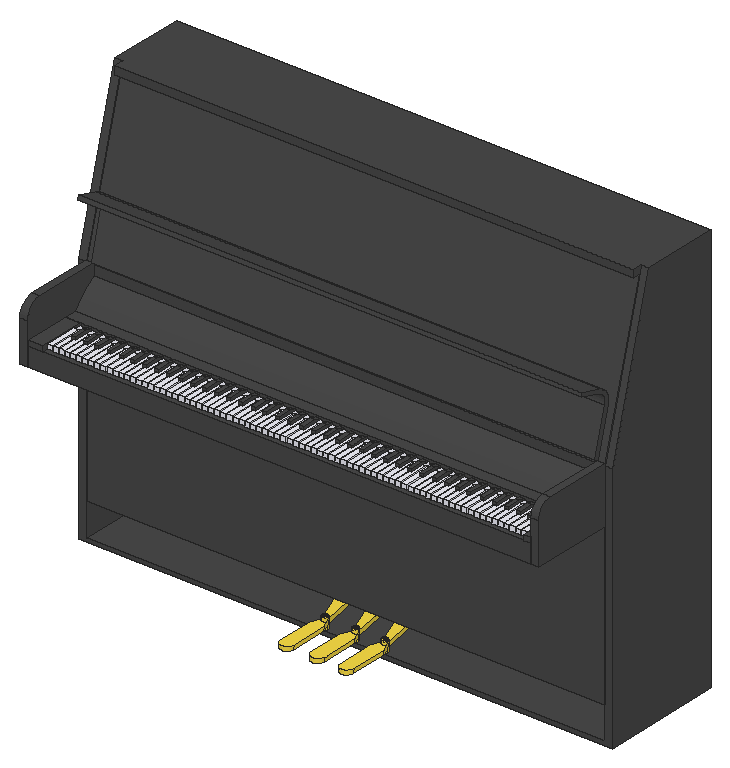
Revit family "1569502350Piano-Upright_SMARTBIM", category Furniture, Revit 2020
Family settings
  OmniClass Number = 23.40.50.24.24
  OmniClass Title = Instrumental Equipment
  Work Plane-Based = Yes
  Always vertical = Yes
  Cut with Voids When Loaded = No
  Shared = No
  Room Calculation Point = No
Parameters
  Subcategory = "Residential - Décor"  # constant formula
  Pedals = Normal,Gold
  SmartBIM Object Version = 3  # constant formula
  SmartBIM Object Created By = "SMARTBIM, LLC"  # constant formula
  White Keys = Glossy,High White
  Piano = Glossy,HighBlack
  Manufacturer = "SMARTBIM"
  Default Elevation = 121.92 cm
  Black Keys = Glossy,HighBlack
  Assembly Code = "E1020400"
  95 CSI = "11070"  # constant formula
  04 CSI = "11 62 00"  # constant formula
Reference planes (cm)
  plane 1 "Center (Front/Back)": y = -0.5
  plane 2: z = 0
  plane 3 "Center (Left/Right)": x = 3
  plane 4: y = 32
  plane 5: y = -22.5
  plane 6: z = 109
  plane 7: x = 144.6
  plane 8: x = 5
  plane 9: x = 73.8
  plane 10: x = 142.6
  plane 11: z = 107
  plane 12: y = 30
  plane 13: y = 1.5
  plane 14: z = 67
  plane 15: z = 52
  plane 16: x = 7
  plane 17: x = 140.6
  plane 18: z = 57
  plane 19: z = 1
Forms (cm)
  Extrusion 1, solid, material "Glossy,HighBlack" <- "Piano"
    sketch origin (3, 0, 0) x (0, 1, 0) y (0, 0, 1)
      loop
        line (32, 0) -> (32, 109) -> (11.5, 109) -> (-0.5001, 66.5078) -> (-0.5001, 0) -> (32, 0)
    from 0 to 2
  Extrusion 2, solid, material "Glossy,HighBlack" <- "Piano"
    sketch origin (144.6, 0, 0) x (0, 1, 0) y (0, 0, -1)
      loop
        line (32, 0) -> (-0.5001, 0) -> (-0.5001, -66.5078) -> (11.5, -109) -> (32, -109) -> (32, 0)
    from 0 to 2
  Extrusion 3, solid, material "Glossy,HighBlack" <- "Piano"
    sketch origin (0, 0, 0) x (1, 0, 0) y (0, 1, 0)
      loop
        line (5, 32) -> (5, 8.8835) -> (142.6, 8.8835) -> (142.6, 32) -> (5, 32)
    from 107 to 109
  Extrusion 4, solid, material "Glossy,HighBlack" <- "Piano"
    sketch origin (3, 0, 0) x (0, 1, 0) y (0, 0, 1)
      loop
        line (32, 107) -> (30, 107) -> (30, 1) -> (32, 1) -> (32, 107)
    from 2 to 139.6
  Extrusion 5, solid, material "Glossy,HighBlack" <- "Piano"
    sketch origin (3, 0, 0) x (0, 1, 0) y (0, 0, 1)
      loop
        line (-0.5, 66.5083) -> (-0.5, 9.7025) -> (1.5, 9.7025) -> (1.5, 65.04) -> (13.3498, 107) -> (10.9352, 107) -> (-0.5, 66.5083)
    from 2 to 139.6
  Extrusion 6, solid, material "Glossy,HighBlack" <- "Piano"
    sketch origin (3, 0, 0) x (0, 1, 0) y (0, 0, 1)
      loop
        line (-0.5, 67) -> (-18.5, 67)
        arc (-18.5, 67) -> (-21.3284, 65.8284) -> (-22.5, 63) r 4
        line (-22.5, 63) -> (-22.5, 52) -> (-0.5, 52) -> (-0.5, 67)
    from 2 to 4
  Extrusion 7, solid, material "Glossy,HighBlack" <- "Piano"
    sketch origin (132.1, 0, 0) x (0, 1, 0) y (0, 0, -1)
      loop
        line (-0.5, -67) -> (-0.5, -52) -> (-22.5, -52) -> (-22.5, -63)
        arc (-22.5, -63) -> (-21.3284, -65.8284) -> (-18.5, -67) r 4
        line (-18.5, -67) -> (-0.5, -67)
    from -10.5 to -8.5
  Extrusion 8, solid, material "Glossy,HighBlack" <- "Piano"
    sketch origin (3, 0, 0) x (0, 1, 0) y (0, 0, 1)
      loop
        line (-0.5, 57) -> (-22.5, 57) -> (-22.5, 52) -> (-0.5, 52) -> (-0.5, 57)
    from 4 to 137.6
  Extrusion 9, solid, material "Glossy,HighBlack" <- "Piano"
    sketch origin (0, -0.5, 0) x (1, 0, 0) y (0, 0, 1)
      loop
        line (5, 0) -> (142.6, 0) -> (142.6, 1) -> (5, 1) -> (5, 0)
    from -32.5 to 0
  Extrusion 10, solid, material "Glossy,HighBlack" <- "Piano"
    sketch origin (3, 0, 5) x (0, 1, 0) y (0, 0, 1)
      loop
        line (-0.5001, 52) -> (-0.5001, 59.0794)
        arc (-0.5001, 59.0794) -> (-3.9388, 56.6062) -> (-6.7118, 53.4043) r 18.1766
        line (-6.7118, 53.4043) -> (-10.0001, 53.4043) -> (-10.0001, 52) -> (-6.5001, 52) -> (-0.5001, 52)
    from 4 to 137.6
  Extrusion 11, solid, material "Glossy,High White" <- "White Keys"
    sketch origin (3, -0.0679, 0) x (0, 1, 0) y (0, 0, 1)
      loop
        line (-12.4101, 58.2793) -> (-20.9321, 58.2793) -> (-20.9321, 57) -> (-10.0001, 57) -> (-10.0001, 57.7022) -> (-12.4101, 58.2793)
    from 8.2472 to 9.6206
  Extrusion 12, solid, material "Glossy,HighBlack" <- "Piano"
    sketch origin (0, -0.5, 0) x (1, 0, 0) y (0, 0, 1)
      loop
        line (7, 58.4043) -> (7, 57) -> (11, 57) -> (11, 58.4043) -> (7, 58.4043)
    from 9.5001 to 22
  Extrusion 13, solid, material "Glossy,High White" <- "White Keys"
    sketch origin (4.5, -0.0679, 0) x (0, 1, 0) y (0, 0, 1)
      loop
        line (-12.4101, 58.2793) -> (-20.9321, 58.2793) -> (-20.9321, 57) -> (-10.0001, 57) -> (-10.0001, 57.7022) -> (-12.4101, 58.2793)
    from 8.2472 to 9.6206
  Extrusion 14, solid, material "Glossy,High White" <- "White Keys"
    sketch origin (5.9984, -0.0679, 0) x (0, 1, 0) y (0, 0, 1)
      loop
        line (-12.4101, 58.2793) -> (-20.9321, 58.2793) -> (-20.9321, 57) -> (-10.0001, 57) -> (-10.0001, 57.7022) -> (-12.4101, 58.2793)
    from 8.2472 to 9.6206
  Extrusion 15, solid, material "Glossy,High White" <- "White Keys"
    sketch origin (7.4967, -0.0679, 0) x (0, 1, 0) y (0, 0, 1)
      loop
        line (-12.4101, 58.2793) -> (-20.9321, 58.2793) -> (-20.9321, 57) -> (-10.0001, 57) -> (-10.0001, 57.7022) -> (-12.4101, 58.2793)
    from 8.2472 to 9.6206
  Extrusion 16, solid, material "Glossy,High White" <- "White Keys"
    sketch origin (9.0576, -0.0679, 0) x (0, 1, 0) y (0, 0, 1)
      loop
        line (-12.4101, 58.2793) -> (-20.9321, 58.2793) -> (-20.9321, 57) -> (-10.0001, 57) -> (-10.0001, 57.7022) -> (-12.4101, 58.2793)
    from 8.2472 to 9.6206
  Extrusion 17, solid, material "Glossy,High White" <- "White Keys"
    sketch origin (10.6185, -0.0679, 0) x (0, 1, 0) y (0, 0, 1)
      loop
        line (-12.4101, 58.2793) -> (-20.9321, 58.2793) -> (-20.9321, 57) -> (-10.0001, 57) -> (-10.0001, 57.7022) -> (-12.4101, 58.2793)
    from 8.2472 to 9.6206
  Extrusion 18, solid, material "Glossy,High White" <- "White Keys"
    sketch origin (12.1794, -0.0679, 0) x (0, 1, 0) y (0, 0, 1)
      loop
        line (-12.4101, 58.2793) -> (-20.9321, 58.2793) -> (-20.9321, 57) -> (-10.0001, 57) -> (-10.0001, 57.7022) -> (-12.4101, 58.2793)
    from 8.2472 to 9.6206
  Extrusion 19, solid, material "Glossy,High White" <- "White Keys"
    sketch origin (13.8027, -0.0679, 0) x (0, 1, 0) y (0, 0, 1)
      loop
        line (-12.4101, 58.2793) -> (-20.9321, 58.2793) -> (-20.9321, 57) -> (-10.0001, 57) -> (-10.0001, 57.7022) -> (-12.4101, 58.2793)
    from 8.2472 to 9.6206
  Extrusion 20, solid, material "Glossy,High White" <- "White Keys"
    sketch origin (15.362, -0.0679, 0) x (0, 1, 0) y (0, 0, 1)
      loop
        line (-12.4101, 58.2793) -> (-20.9321, 58.2793) -> (-20.9321, 57) -> (-10.0001, 57) -> (-10.0001, 57.7022) -> (-12.4101, 58.2793)
    from 8.2472 to 9.6206
  Extrusion 21, solid, material "Glossy,High White" <- "White Keys"
    sketch origin (16.9853, -0.0679, 0) x (0, 1, 0) y (0, 0, 1)
      loop
        line (-12.4101, 58.2793) -> (-20.9321, 58.2793) -> (-20.9321, 57) -> (-10.0001, 57) -> (-10.0001, 57.7022) -> (-12.4101, 58.2793)
    from 8.2472 to 9.6206
  Extrusion 22, solid, material "Glossy,High White" <- "White Keys"
    sketch origin (18.7728, -0.0679, 0) x (0, 1, 0) y (0, 0, 1)
      loop
        line (-12.4101, 58.2793) -> (-20.9321, 58.2793) -> (-20.9321, 57) -> (-10.0001, 57) -> (-10.0001, 57.7022) -> (-12.4101, 58.2793)
    from 8.2472 to 9.6206
  Extrusion 23, solid, material "Glossy,High White" <- "White Keys"
    sketch origin (20.2728, -0.0679, 0) x (0, 1, 0) y (0, 0, 1)
      loop
        line (-12.4101, 58.2793) -> (-20.9321, 58.2793) -> (-20.9321, 57) -> (-10.0001, 57) -> (-10.0001, 57.7022) -> (-12.4101, 58.2793)
    from 8.2472 to 9.6206
  Extrusion 24, solid, material "Glossy,High White" <- "White Keys"
    sketch origin (21.7712, -0.0679, 0) x (0, 1, 0) y (0, 0, 1)
      loop
        line (-12.4101, 58.2793) -> (-20.9321, 58.2793) -> (-20.9321, 57) -> (-10.0001, 57) -> (-10.0001, 57.7022) -> (-12.4101, 58.2793)
    from 8.2472 to 9.6206
  Extrusion 25, solid, material "Glossy,High White" <- "White Keys"
    sketch origin (23.2695, -0.0679, 0) x (0, 1, 0) y (0, 0, 1)
      loop
        line (-12.4101, 58.2793) -> (-20.9321, 58.2793) -> (-20.9321, 57) -> (-10.0001, 57) -> (-10.0001, 57.7022) -> (-12.4101, 58.2793)
    from 8.2472 to 9.6206
  Extrusion 26, solid, material "Glossy,High White" <- "White Keys"
    sketch origin (24.8304, -0.0679, 0) x (0, 1, 0) y (0, 0, 1)
      loop
        line (-12.4101, 58.2793) -> (-20.9321, 58.2793) -> (-20.9321, 57) -> (-10.0001, 57) -> (-10.0001, 57.7022) -> (-12.4101, 58.2793)
    from 8.2472 to 9.6206
  Extrusion 27, solid, material "Glossy,High White" <- "White Keys"
    sketch origin (26.3913, -0.0679, 0) x (0, 1, 0) y (0, 0, 1)
      loop
        line (-12.4101, 58.2793) -> (-20.9321, 58.2793) -> (-20.9321, 57) -> (-10.0001, 57) -> (-10.0001, 57.7022) -> (-12.4101, 58.2793)
    from 8.2472 to 9.6206
  Extrusion 28, solid, material "Glossy,High White" <- "White Keys"
    sketch origin (27.9522, -0.0679, 0) x (0, 1, 0) y (0, 0, 1)
      loop
        line (-12.4101, 58.2793) -> (-20.9321, 58.2793) -> (-20.9321, 57) -> (-10.0001, 57) -> (-10.0001, 57.7022) -> (-12.4101, 58.2793)
    from 8.2472 to 9.6206
  Extrusion 29, solid, material "Glossy,High White" <- "White Keys"
    sketch origin (29.5755, -0.0679, 0) x (0, 1, 0) y (0, 0, 1)
      loop
        line (-12.4101, 58.2793) -> (-20.9321, 58.2793) -> (-20.9321, 57) -> (-10.0001, 57) -> (-10.0001, 57.7022) -> (-12.4101, 58.2793)
    from 8.2472 to 9.6206
  Extrusion 30, solid, material "Glossy,High White" <- "White Keys"
    sketch origin (31.1348, -0.0679, 0) x (0, 1, 0) y (0, 0, 1)
      loop
        line (-12.4101, 58.2793) -> (-20.9321, 58.2793) -> (-20.9321, 57) -> (-10.0001, 57) -> (-10.0001, 57.7022) -> (-12.4101, 58.2793)
    from 8.2472 to 9.6206
  Extrusion 31, solid, material "Glossy,High White" <- "White Keys"
    sketch origin (32.7581, -0.0679, 0) x (0, 1, 0) y (0, 0, 1)
      loop
        line (-12.4101, 58.2793) -> (-20.9321, 58.2793) -> (-20.9321, 57) -> (-10.0001, 57) -> (-10.0001, 57.7022) -> (-12.4101, 58.2793)
    from 8.2472 to 9.6206
  Extrusion 32, solid, material "Glossy,High White" <- "White Keys"
    sketch origin (34.5228, -0.0679, 0) x (0, 1, 0) y (0, 0, 1)
      loop
        line (-12.4101, 58.2793) -> (-20.9321, 58.2793) -> (-20.9321, 57) -> (-10.0001, 57) -> (-10.0001, 57.7022) -> (-12.4101, 58.2793)
    from 8.2472 to 9.6206
  Extrusion 33, solid, material "Glossy,High White" <- "White Keys"
    sketch origin (36.1478, -0.0679, 0) x (0, 1, 0) y (0, 0, 1)
      loop
        line (-12.4101, 58.2793) -> (-20.9321, 58.2793) -> (-20.9321, 57) -> (-10.0001, 57) -> (-10.0001, 57.7022) -> (-12.4101, 58.2793)
    from 8.2472 to 9.6206
  Extrusion 34, solid, material "Glossy,High White" <- "White Keys"
    sketch origin (37.7712, -0.0679, 0) x (0, 1, 0) y (0, 0, 1)
      loop
        line (-12.4101, 58.2793) -> (-20.9321, 58.2793) -> (-20.9321, 57) -> (-10.0001, 57) -> (-10.0001, 57.7022) -> (-12.4101, 58.2793)
    from 8.2472 to 9.6206
  Extrusion 35, solid, material "Glossy,High White" <- "White Keys"
    sketch origin (39.2695, -0.0679, 0) x (0, 1, 0) y (0, 0, 1)
      loop
        line (-12.4101, 58.2793) -> (-20.9321, 58.2793) -> (-20.9321, 57) -> (-10.0001, 57) -> (-10.0001, 57.7022) -> (-12.4101, 58.2793)
    from 8.2472 to 9.6206
  Extrusion 36, solid, material "Glossy,High White" <- "White Keys"
    sketch origin (40.8304, -0.0679, 0) x (0, 1, 0) y (0, 0, 1)
      loop
        line (-12.4101, 58.2793) -> (-20.9321, 58.2793) -> (-20.9321, 57) -> (-10.0001, 57) -> (-10.0001, 57.7022) -> (-12.4101, 58.2793)
    from 8.2472 to 9.6206
  Extrusion 37, solid, material "Glossy,High White" <- "White Keys"
    sketch origin (42.3913, -0.0679, 0) x (0, 1, 0) y (0, 0, 1)
      loop
        line (-12.4101, 58.2793) -> (-20.9321, 58.2793) -> (-20.9321, 57) -> (-10.0001, 57) -> (-10.0001, 57.7022) -> (-12.4101, 58.2793)
    from 8.2472 to 9.6206
  Extrusion 38, solid, material "Glossy,High White" <- "White Keys"
    sketch origin (43.9522, -0.0679, 0) x (0, 1, 0) y (0, 0, 1)
      loop
        line (-12.4101, 58.2793) -> (-20.9321, 58.2793) -> (-20.9321, 57) -> (-10.0001, 57) -> (-10.0001, 57.7022) -> (-12.4101, 58.2793)
    from 8.2472 to 9.6206
  Extrusion 39, solid, material "Glossy,High White" <- "White Keys"
    sketch origin (45.5755, -0.0679, 0) x (0, 1, 0) y (0, 0, 1)
      loop
        line (-12.4101, 58.2793) -> (-20.9321, 58.2793) -> (-20.9321, 57) -> (-10.0001, 57) -> (-10.0001, 57.7022) -> (-12.4101, 58.2793)
    from 8.2472 to 9.6206
  Extrusion 40, solid, material "Glossy,High White" <- "White Keys"
    sketch origin (47.1348, -0.0679, 0) x (0, 1, 0) y (0, 0, 1)
      loop
        line (-12.4101, 58.2793) -> (-20.9321, 58.2793) -> (-20.9321, 57) -> (-10.0001, 57) -> (-10.0001, 57.7022) -> (-12.4101, 58.2793)
    from 8.2472 to 9.6206
  Extrusion 41, solid, material "Glossy,High White" <- "White Keys"
    sketch origin (48.7581, -0.0679, 0) x (0, 1, 0) y (0, 0, 1)
      loop
        line (-12.4101, 58.2793) -> (-20.9321, 58.2793) -> (-20.9321, 57) -> (-10.0001, 57) -> (-10.0001, 57.7022) -> (-12.4101, 58.2793)
    from 8.2472 to 9.6206
  Extrusion 42, solid, material "Glossy,High White" <- "White Keys"
    sketch origin (50.5228, -0.0679, 0) x (0, 1, 0) y (0, 0, 1)
      loop
        line (-12.4101, 58.2793) -> (-20.9321, 58.2793) -> (-20.9321, 57) -> (-10.0001, 57) -> (-10.0001, 57.7022) -> (-12.4101, 58.2793)
    from 8.2472 to 9.6206
  Extrusion 43, solid, material "Glossy,High White" <- "White Keys"
    sketch origin (52.1478, -0.0679, 0) x (0, 1, 0) y (0, 0, 1)
      loop
        line (-12.4101, 58.2793) -> (-20.9321, 58.2793) -> (-20.9321, 57) -> (-10.0001, 57) -> (-10.0001, 57.7022) -> (-12.4101, 58.2793)
    from 8.2472 to 9.6206
  Extrusion 44, solid, material "Glossy,High White" <- "White Keys"
    sketch origin (53.7712, -0.0679, 0) x (0, 1, 0) y (0, 0, 1)
      loop
        line (-12.4101, 58.2793) -> (-20.9321, 58.2793) -> (-20.9321, 57) -> (-10.0001, 57) -> (-10.0001, 57.7022) -> (-12.4101, 58.2793)
    from 8.2472 to 9.6206
  Extrusion 45, solid, material "Glossy,High White" <- "White Keys"
    sketch origin (55.2695, -0.0679, 0) x (0, 1, 0) y (0, 0, 1)
      loop
        line (-12.4101, 58.2793) -> (-20.9321, 58.2793) -> (-20.9321, 57) -> (-10.0001, 57) -> (-10.0001, 57.7022) -> (-12.4101, 58.2793)
    from 8.2472 to 9.6206
  Extrusion 46, solid, material "Glossy,High White" <- "White Keys"
    sketch origin (56.8304, -0.0679, 0) x (0, 1, 0) y (0, 0, 1)
      loop
        line (-12.4101, 58.2793) -> (-20.9321, 58.2793) -> (-20.9321, 57) -> (-10.0001, 57) -> (-10.0001, 57.7022) -> (-12.4101, 58.2793)
    from 8.2472 to 9.6206
  Extrusion 47, solid, material "Glossy,High White" <- "White Keys"
    sketch origin (58.3913, -0.0679, 0) x (0, 1, 0) y (0, 0, 1)
      loop
        line (-12.4101, 58.2793) -> (-20.9321, 58.2793) -> (-20.9321, 57) -> (-10.0001, 57) -> (-10.0001, 57.7022) -> (-12.4101, 58.2793)
    from 8.2472 to 9.6206
  Extrusion 48, solid, material "Glossy,High White" <- "White Keys"
    sketch origin (59.9522, -0.0679, 0) x (0, 1, 0) y (0, 0, 1)
      loop
        line (-12.4101, 58.2793) -> (-20.9321, 58.2793) -> (-20.9321, 57) -> (-10.0001, 57) -> (-10.0001, 57.7022) -> (-12.4101, 58.2793)
    from 8.2472 to 9.6206
  Extrusion 49, solid, material "Glossy,High White" <- "White Keys"
    sketch origin (61.5755, -0.0679, 0) x (0, 1, 0) y (0, 0, 1)
      loop
        line (-12.4101, 58.2793) -> (-20.9321, 58.2793) -> (-20.9321, 57) -> (-10.0001, 57) -> (-10.0001, 57.7022) -> (-12.4101, 58.2793)
    from 8.2472 to 9.6206
  Extrusion 50, solid, material "Glossy,High White" <- "White Keys"
    sketch origin (63.1348, -0.0679, 0) x (0, 1, 0) y (0, 0, 1)
      loop
        line (-12.4101, 58.2793) -> (-20.9321, 58.2793) -> (-20.9321, 57) -> (-10.0001, 57) -> (-10.0001, 57.7022) -> (-12.4101, 58.2793)
    from 8.2472 to 9.6206
  Extrusion 51, solid, material "Glossy,High White" <- "White Keys"
    sketch origin (64.7581, -0.0679, 0) x (0, 1, 0) y (0, 0, 1)
      loop
        line (-12.4101, 58.2793) -> (-20.9321, 58.2793) -> (-20.9321, 57) -> (-10.0001, 57) -> (-10.0001, 57.7022) -> (-12.4101, 58.2793)
    from 8.2472 to 9.6206
  Extrusion 52, solid, material "Glossy,High White" <- "White Keys"
    sketch origin (66.5228, -0.0679, 0) x (0, 1, 0) y (0, 0, 1)
      loop
        line (-12.4101, 58.2793) -> (-20.9321, 58.2793) -> (-20.9321, 57) -> (-10.0001, 57) -> (-10.0001, 57.7022) -> (-12.4101, 58.2793)
    from 8.2472 to 9.6206
  Extrusion 53, solid, material "Glossy,High White" <- "White Keys"
    sketch origin (68.1478, -0.0679, 0) x (0, 1, 0) y (0, 0, 1)
      loop
        line (-12.4101, 58.2793) -> (-20.9321, 58.2793) -> (-20.9321, 57) -> (-10.0001, 57) -> (-10.0001, 57.7022) -> (-12.4101, 58.2793)
    from 8.2472 to 9.6206
  Extrusion 54, solid, material "Glossy,High White" <- "White Keys"
    sketch origin (69.7712, -0.0679, 0) x (0, 1, 0) y (0, 0, 1)
      loop
        line (-12.4101, 58.2793) -> (-20.9321, 58.2793) -> (-20.9321, 57) -> (-10.0001, 57) -> (-10.0001, 57.7022) -> (-12.4101, 58.2793)
    from 8.2472 to 9.6206
  Extrusion 55, solid, material "Glossy,High White" <- "White Keys"
    sketch origin (71.2695, -0.0679, 0) x (0, 1, 0) y (0, 0, 1)
      loop
        line (-12.4101, 58.2793) -> (-20.9321, 58.2793) -> (-20.9321, 57) -> (-10.0001, 57) -> (-10.0001, 57.7022) -> (-12.4101, 58.2793)
    from 8.2472 to 9.6206
  Extrusion 56, solid, material "Glossy,High White" <- "White Keys"
    sketch origin (72.8304, -0.0679, 0) x (0, 1, 0) y (0, 0, 1)
      loop
        line (-12.4101, 58.2793) -> (-20.9321, 58.2793) -> (-20.9321, 57) -> (-10.0001, 57) -> (-10.0001, 57.7022) -> (-12.4101, 58.2793)
    from 8.2472 to 9.6206
  Extrusion 57, solid, material "Glossy,High White" <- "White Keys"
    sketch origin (74.3913, -0.0679, 0) x (0, 1, 0) y (0, 0, 1)
      loop
        line (-12.4101, 58.2793) -> (-20.9321, 58.2793) -> (-20.9321, 57) -> (-10.0001, 57) -> (-10.0001, 57.7022) -> (-12.4101, 58.2793)
    from 8.2472 to 9.6206
  Extrusion 58, solid, material "Glossy,High White" <- "White Keys"
    sketch origin (75.9522, -0.0679, 0) x (0, 1, 0) y (0, 0, 1)
      loop
        line (-12.4101, 58.2793) -> (-20.9321, 58.2793) -> (-20.9321, 57) -> (-10.0001, 57) -> (-10.0001, 57.7022) -> (-12.4101, 58.2793)
    from 8.2472 to 9.6206
  Extrusion 59, solid, material "Glossy,High White" <- "White Keys"
    sketch origin (77.5755, -0.0679, 0) x (0, 1, 0) y (0, 0, 1)
      loop
        line (-12.4101, 58.2793) -> (-20.9321, 58.2793) -> (-20.9321, 57) -> (-10.0001, 57) -> (-10.0001, 57.7022) -> (-12.4101, 58.2793)
    from 8.2472 to 9.6206
  Extrusion 60, solid, material "Glossy,High White" <- "White Keys"
    sketch origin (79.1348, -0.0679, 0) x (0, 1, 0) y (0, 0, 1)
      loop
        line (-12.4101, 58.2793) -> (-20.9321, 58.2793) -> (-20.9321, 57) -> (-10.0001, 57) -> (-10.0001, 57.7022) -> (-12.4101, 58.2793)
    from 8.2472 to 9.6206
  Extrusion 61, solid, material "Glossy,High White" <- "White Keys"
    sketch origin (80.7581, -0.0679, 0) x (0, 1, 0) y (0, 0, 1)
      loop
        line (-12.4101, 58.2793) -> (-20.9321, 58.2793) -> (-20.9321, 57) -> (-10.0001, 57) -> (-10.0001, 57.7022) -> (-12.4101, 58.2793)
    from 8.2472 to 9.6206
  Extrusion 62, solid, material "Glossy,High White" <- "White Keys"
    sketch origin (82.5228, -0.0679, 0) x (0, 1, 0) y (0, 0, 1)
      loop
        line (-12.4101, 58.2793) -> (-20.9321, 58.2793) -> (-20.9321, 57) -> (-10.0001, 57) -> (-10.0001, 57.7022) -> (-12.4101, 58.2793)
    from 8.2472 to 9.6206
  Extrusion 63, solid, material "Glossy,High White" <- "White Keys"
    sketch origin (84.1478, -0.0679, 0) x (0, 1, 0) y (0, 0, 1)
      loop
        line (-12.4101, 58.2793) -> (-20.9321, 58.2793) -> (-20.9321, 57) -> (-10.0001, 57) -> (-10.0001, 57.7022) -> (-12.4101, 58.2793)
    from 8.2472 to 9.6206
  Extrusion 64, solid, material "Glossy,High White" <- "White Keys"
    sketch origin (85.7712, -0.0679, 0) x (0, 1, 0) y (0, 0, 1)
      loop
        line (-12.4101, 58.2793) -> (-20.9321, 58.2793) -> (-20.9321, 57) -> (-10.0001, 57) -> (-10.0001, 57.7022) -> (-12.4101, 58.2793)
    from 8.2472 to 9.6206
  Extrusion 65, solid, material "Glossy,High White" <- "White Keys"
    sketch origin (87.2695, -0.0679, 0) x (0, 1, 0) y (0, 0, 1)
      loop
        line (-12.4101, 58.2793) -> (-20.9321, 58.2793) -> (-20.9321, 57) -> (-10.0001, 57) -> (-10.0001, 57.7022) -> (-12.4101, 58.2793)
    from 8.2472 to 9.6206
  Extrusion 66, solid, material "Glossy,High White" <- "White Keys"
    sketch origin (88.8304, -0.0679, 0) x (0, 1, 0) y (0, 0, 1)
      loop
        line (-12.4101, 58.2793) -> (-20.9321, 58.2793) -> (-20.9321, 57) -> (-10.0001, 57) -> (-10.0001, 57.7022) -> (-12.4101, 58.2793)
    from 8.2472 to 9.6206
  Extrusion 67, solid, material "Glossy,High White" <- "White Keys"
    sketch origin (90.3913, -0.0679, 0) x (0, 1, 0) y (0, 0, 1)
      loop
        line (-12.4101, 58.2793) -> (-20.9321, 58.2793) -> (-20.9321, 57) -> (-10.0001, 57) -> (-10.0001, 57.7022) -> (-12.4101, 58.2793)
    from 8.2472 to 9.6206
  Extrusion 68, solid, material "Glossy,High White" <- "White Keys"
    sketch origin (91.9522, -0.0679, 0) x (0, 1, 0) y (0, 0, 1)
      loop
        line (-12.4101, 58.2793) -> (-20.9321, 58.2793) -> (-20.9321, 57) -> (-10.0001, 57) -> (-10.0001, 57.7022) -> (-12.4101, 58.2793)
    from 8.2472 to 9.6206
  Extrusion 69, solid, material "Glossy,High White" <- "White Keys"
    sketch origin (93.5755, -0.0679, 0) x (0, 1, 0) y (0, 0, 1)
      loop
        line (-12.4101, 58.2793) -> (-20.9321, 58.2793) -> (-20.9321, 57) -> (-10.0001, 57) -> (-10.0001, 57.7022) -> (-12.4101, 58.2793)
    from 8.2472 to 9.6206
  Extrusion 70, solid, material "Glossy,High White" <- "White Keys"
    sketch origin (95.1348, -0.0679, 0) x (0, 1, 0) y (0, 0, 1)
      loop
        line (-12.4101, 58.2793) -> (-20.9321, 58.2793) -> (-20.9321, 57) -> (-10.0001, 57) -> (-10.0001, 57.7022) -> (-12.4101, 58.2793)
    from 8.2472 to 9.6206
  Extrusion 71, solid, material "Glossy,High White" <- "White Keys"
    sketch origin (96.7581, -0.0679, 0) x (0, 1, 0) y (0, 0, 1)
      loop
        line (-12.4101, 58.2793) -> (-20.9321, 58.2793) -> (-20.9321, 57) -> (-10.0001, 57) -> (-10.0001, 57.7022) -> (-12.4101, 58.2793)
    from 8.2472 to 9.6206
  Extrusion 72, solid, material "Glossy,High White" <- "White Keys"
    sketch origin (98.7728, -0.0679, 0) x (0, 1, 0) y (0, 0, 1)
      loop
        line (-12.4101, 58.2793) -> (-20.9321, 58.2793) -> (-20.9321, 57) -> (-10.0001, 57) -> (-10.0001, 57.7022) -> (-12.4101, 58.2793)
    from 8.2472 to 9.6206
  Extrusion 73, solid, material "Glossy,High White" <- "White Keys"
    sketch origin (100.2728, -0.0679, 0) x (0, 1, 0) y (0, 0, 1)
      loop
        line (-12.4101, 58.2793) -> (-20.9321, 58.2793) -> (-20.9321, 57) -> (-10.0001, 57) -> (-10.0001, 57.7022) -> (-12.4101, 58.2793)
    from 8.2472 to 9.6206
  Extrusion 74, solid, material "Glossy,High White" <- "White Keys"
    sketch origin (101.7712, -0.0679, 0) x (0, 1, 0) y (0, 0, 1)
      loop
        line (-12.4101, 58.2793) -> (-20.9321, 58.2793) -> (-20.9321, 57) -> (-10.0001, 57) -> (-10.0001, 57.7022) -> (-12.4101, 58.2793)
    from 8.2472 to 9.6206
  Extrusion 75, solid, material "Glossy,High White" <- "White Keys"
    sketch origin (103.2695, -0.0679, 0) x (0, 1, 0) y (0, 0, 1)
      loop
        line (-12.4101, 58.2793) -> (-20.9321, 58.2793) -> (-20.9321, 57) -> (-10.0001, 57) -> (-10.0001, 57.7022) -> (-12.4101, 58.2793)
    from 8.2472 to 9.6206
  Extrusion 76, solid, material "Glossy,High White" <- "White Keys"
    sketch origin (104.8304, -0.0679, 0) x (0, 1, 0) y (0, 0, 1)
      loop
        line (-12.4101, 58.2793) -> (-20.9321, 58.2793) -> (-20.9321, 57) -> (-10.0001, 57) -> (-10.0001, 57.7022) -> (-12.4101, 58.2793)
    from 8.2472 to 9.6206
  Extrusion 77, solid, material "Glossy,High White" <- "White Keys"
    sketch origin (106.3913, -0.0679, 0) x (0, 1, 0) y (0, 0, 1)
      loop
        line (-12.4101, 58.2793) -> (-20.9321, 58.2793) -> (-20.9321, 57) -> (-10.0001, 57) -> (-10.0001, 57.7022) -> (-12.4101, 58.2793)
    from 8.2472 to 9.6206
  Extrusion 78, solid, material "Glossy,High White" <- "White Keys"
    sketch origin (107.9522, -0.0679, 0) x (0, 1, 0) y (0, 0, 1)
      loop
        line (-12.4101, 58.2793) -> (-20.9321, 58.2793) -> (-20.9321, 57) -> (-10.0001, 57) -> (-10.0001, 57.7022) -> (-12.4101, 58.2793)
    from 8.2472 to 9.6206
  Extrusion 79, solid, material "Glossy,High White" <- "White Keys"
    sketch origin (109.5755, -0.0679, 0) x (0, 1, 0) y (0, 0, 1)
      loop
        line (-12.4101, 58.2793) -> (-20.9321, 58.2793) -> (-20.9321, 57) -> (-10.0001, 57) -> (-10.0001, 57.7022) -> (-12.4101, 58.2793)
    from 8.2472 to 9.6206
  Extrusion 80, solid, material "Glossy,High White" <- "White Keys"
    sketch origin (111.1348, -0.0679, 0) x (0, 1, 0) y (0, 0, 1)
      loop
        line (-12.4101, 58.2793) -> (-20.9321, 58.2793) -> (-20.9321, 57) -> (-10.0001, 57) -> (-10.0001, 57.7022) -> (-12.4101, 58.2793)
    from 8.2472 to 9.6206
  Extrusion 81, solid, material "Glossy,High White" <- "White Keys"
    sketch origin (112.7581, -0.0679, 0) x (0, 1, 0) y (0, 0, 1)
      loop
        line (-12.4101, 58.2793) -> (-20.9321, 58.2793) -> (-20.9321, 57) -> (-10.0001, 57) -> (-10.0001, 57.7022) -> (-12.4101, 58.2793)
    from 8.2472 to 9.6206
  Extrusion 82, solid, material "Glossy,High White" <- "White Keys"
    sketch origin (114.5228, -0.0679, 0) x (0, 1, 0) y (0, 0, 1)
      loop
        line (-12.4101, 58.2793) -> (-20.9321, 58.2793) -> (-20.9321, 57) -> (-10.0001, 57) -> (-10.0001, 57.7022) -> (-12.4101, 58.2793)
    from 8.2472 to 9.6206
  Extrusion 83, solid, material "Glossy,High White" <- "White Keys"
    sketch origin (116.2728, -0.0679, 0) x (0, 1, 0) y (0, 0, 1)
      loop
        line (-12.4101, 58.2793) -> (-20.9321, 58.2793) -> (-20.9321, 57) -> (-10.0001, 57) -> (-10.0001, 57.7022) -> (-12.4101, 58.2793)
    from 8.2472 to 9.6206
  Extrusion 84, solid, material "Glossy,High White" <- "White Keys"
    sketch origin (117.7712, -0.0679, 0) x (0, 1, 0) y (0, 0, 1)
      loop
        line (-12.4101, 58.2793) -> (-20.9321, 58.2793) -> (-20.9321, 57) -> (-10.0001, 57) -> (-10.0001, 57.7022) -> (-12.4101, 58.2793)
    from 8.2472 to 9.6206
  Extrusion 85, solid, material "Glossy,High White" <- "White Keys"
    sketch origin (119.2695, -0.0679, 0) x (0, 1, 0) y (0, 0, 1)
      loop
        line (-12.4101, 58.2793) -> (-20.9321, 58.2793) -> (-20.9321, 57) -> (-10.0001, 57) -> (-10.0001, 57.7022) -> (-12.4101, 58.2793)
    from 8.2472 to 9.6206
  Extrusion 86, solid, material "Glossy,High White" <- "White Keys"
    sketch origin (120.8304, -0.0679, 0) x (0, 1, 0) y (0, 0, 1)
      loop
        line (-12.4101, 58.2793) -> (-20.9321, 58.2793) -> (-20.9321, 57) -> (-10.0001, 57) -> (-10.0001, 57.7022) -> (-12.4101, 58.2793)
    from 8.2472 to 9.6206
  Extrusion 87, solid, material "Glossy,High White" <- "White Keys"
    sketch origin (122.3913, -0.0679, 0) x (0, 1, 0) y (0, 0, 1)
      loop
        line (-12.4101, 58.2793) -> (-20.9321, 58.2793) -> (-20.9321, 57) -> (-10.0001, 57) -> (-10.0001, 57.7022) -> (-12.4101, 58.2793)
    from 8.2472 to 9.6206
  Extrusion 88, solid, material "Glossy,High White" <- "White Keys"
    sketch origin (123.9522, -0.0679, 0) x (0, 1, 0) y (0, 0, 1)
      loop
        line (-12.4101, 58.2793) -> (-20.9321, 58.2793) -> (-20.9321, 57) -> (-10.0001, 57) -> (-10.0001, 57.7022) -> (-12.4101, 58.2793)
    from 8.2472 to 9.6206
  Extrusion 89, solid, material "Glossy,High White" <- "White Keys"
    sketch origin (125.5755, -0.0679, 0) x (0, 1, 0) y (0, 0, 1)
      loop
        line (-12.4101, 58.2793) -> (-20.9321, 58.2793) -> (-20.9321, 57) -> (-10.0001, 57) -> (-10.0001, 57.7022) -> (-12.4101, 58.2793)
    from 8.2472 to 9.6206
  Extrusion 90, solid, material "Glossy,High White" <- "White Keys"
    sketch origin (127.1348, -0.0679, 0) x (0, 1, 0) y (0, 0, 1)
      loop
        line (-12.4101, 58.2793) -> (-20.9321, 58.2793) -> (-20.9321, 57) -> (-10.0001, 57) -> (-10.0001, 57.7022) -> (-12.4101, 58.2793)
    from 8.2472 to 9.6206
  Extrusion 91, solid, material "Glossy,High White" <- "White Keys"
    sketch origin (128.7581, -0.0679, 0) x (0, 1, 0) y (0, 0, 1)
      loop
        line (-12.4101, 58.2793) -> (-20.9321, 58.2793) -> (-20.9321, 57) -> (-10.0001, 57) -> (-10.0001, 57.7022) -> (-12.4101, 58.2793)
    from 8.2472 to 9.6206
  Extrusion 92, solid, material "Glossy,HighBlack" <- "Piano"
    sketch origin (147.6, -0.5, 0) x (-1, 0, 0) y (0, 0, -1)
      loop
        line (7, -58.4043) -> (8.9221, -58.4043) -> (8.9221, -57) -> (7, -57) -> (7, -58.4043)
    from 9.5001 to 22
  Extrusion 93, solid, material "Glossy,HighBlack" <- "Black Keys"
    sketch origin (3, 2.202, 1.7207) x (0, 1, 0) y (0, 0, 1)
      loop
        line (-14.6702, 57.25) -> (-18.4072, 57.25) -> (-18.4072, 56.5625) -> (-13.1876, 56.5625) -> (-13.1876, 56.8949) -> (-14.6702, 57.25)
    from 10.6678 to 11.7012
  Extrusion 94, solid, material "Glossy,HighBlack" <- "Black Keys"
    sketch origin (6.1489, 2.202, 1.7207) x (0, 1, 0) y (0, 0, 1)
      loop
        line (-14.6702, 57.25) -> (-18.4072, 57.25) -> (-18.4072, 56.5625) -> (-13.1876, 56.5625) -> (-13.1876, 56.8949) -> (-14.6702, 57.25)
    from 10.6678 to 11.7012
  Extrusion 95, solid, material "Glossy,HighBlack" <- "Black Keys"
    sketch origin (9.1489, 2.202, 1.7207) x (0, 1, 0) y (0, 0, 1)
      loop
        line (-14.6702, 57.25) -> (-18.4072, 57.25) -> (-18.4072, 56.5625) -> (-13.1876, 56.5625) -> (-13.1876, 56.8949) -> (-14.6702, 57.25)
    from 10.6678 to 11.7012
  Extrusion 96, solid, material "Glossy,HighBlack" <- "Black Keys"
    sketch origin (12.4732, 2.202, 1.7207) x (0, 1, 0) y (0, 0, 1)
      loop
        line (-14.6702, 57.25) -> (-18.4072, 57.25) -> (-18.4072, 56.5625) -> (-13.1876, 56.5625) -> (-13.1876, 56.8949) -> (-14.6702, 57.25)
    from 10.6678 to 11.7012
  Extrusion 97, solid, material "Glossy,HighBlack" <- "Black Keys"
    sketch origin (15.7202, 2.202, 1.7207) x (0, 1, 0) y (0, 0, 1)
      loop
        line (-14.6702, 57.25) -> (-18.4072, 57.25) -> (-18.4072, 56.5625) -> (-13.1876, 56.5625) -> (-13.1876, 56.8949) -> (-14.6702, 57.25)
    from 10.6678 to 11.7012
  Extrusion 98, solid, material "Glossy,HighBlack" <- "Black Keys"
    sketch origin (18.7202, 2.202, 1.7207) x (0, 1, 0) y (0, 0, 1)
      loop
        line (-14.6702, 57.25) -> (-18.4072, 57.25) -> (-18.4072, 56.5625) -> (-13.1876, 56.5625) -> (-13.1876, 56.8949) -> (-14.6702, 57.25)
    from 10.6678 to 11.7012
  Extrusion 99, solid, material "Glossy,HighBlack" <- "Black Keys"
    sketch origin (21.8473, 2.202, 1.7207) x (0, 1, 0) y (0, 0, 1)
      loop
        line (-14.6702, 57.25) -> (-18.4072, 57.25) -> (-18.4072, 56.5625) -> (-13.1876, 56.5625) -> (-13.1876, 56.8949) -> (-14.6702, 57.25)
    from 10.6678 to 11.7012
  Extrusion 100, solid, material "Glossy,HighBlack" <- "Black Keys"
    sketch origin (24.959, 2.202, 1.7207) x (0, 1, 0) y (0, 0, 1)
      loop
        line (-14.6702, 57.25) -> (-18.4072, 57.25) -> (-18.4072, 56.5625) -> (-13.1876, 56.5625) -> (-13.1876, 56.8949) -> (-14.6702, 57.25)
    from 10.6678 to 11.7012
  Extrusion 101, solid, material "Glossy,HighBlack" <- "Black Keys"
    sketch origin (28.1126, 2.202, 1.7207) x (0, 1, 0) y (0, 0, 1)
      loop
        line (-14.6702, 57.25) -> (-18.4072, 57.25) -> (-18.4072, 56.5625) -> (-13.1876, 56.5625) -> (-13.1876, 56.8949) -> (-14.6702, 57.25)
    from 10.6678 to 11.7012
  Extrusion 102, solid, material "Glossy,HighBlack" <- "Black Keys"
    sketch origin (31.3918, 2.202, 1.7207) x (0, 1, 0) y (0, 0, 1)
      loop
        line (-14.6702, 57.25) -> (-18.4072, 57.25) -> (-18.4072, 56.5625) -> (-13.1876, 56.5625) -> (-13.1876, 56.8949) -> (-14.6702, 57.25)
    from 10.6678 to 11.7012
  Extrusion 103, solid, material "Glossy,HighBlack" <- "Black Keys"
    sketch origin (34.699, 2.202, 1.7207) x (0, 1, 0) y (0, 0, 1)
      loop
        line (-14.6702, 57.25) -> (-18.4072, 57.25) -> (-18.4072, 56.5625) -> (-13.1876, 56.5625) -> (-13.1876, 56.8949) -> (-14.6702, 57.25)
    from 10.6678 to 11.7012
  Extrusion 104, solid, material "Glossy,HighBlack" <- "Black Keys"
    sketch origin (37.8107, 2.202, 1.7207) x (0, 1, 0) y (0, 0, 1)
      loop
        line (-14.6702, 57.25) -> (-18.4072, 57.25) -> (-18.4072, 56.5625) -> (-13.1876, 56.5625) -> (-13.1876, 56.8949) -> (-14.6702, 57.25)
    from 10.6678 to 11.7012
  Extrusion 105, solid, material "Glossy,HighBlack" <- "Black Keys"
    sketch origin (40.9364, 2.202, 1.7207) x (0, 1, 0) y (0, 0, 1)
      loop
        line (-14.6702, 57.25) -> (-18.4072, 57.25) -> (-18.4072, 56.5625) -> (-13.1876, 56.5625) -> (-13.1876, 56.8949) -> (-14.6702, 57.25)
    from 10.6678 to 11.7012
  Extrusion 106, solid, material "Glossy,HighBlack" <- "Black Keys"
    sketch origin (44.2156, 2.202, 1.7207) x (0, 1, 0) y (0, 0, 1)
      loop
        line (-14.6702, 57.25) -> (-18.4072, 57.25) -> (-18.4072, 56.5625) -> (-13.1876, 56.5625) -> (-13.1876, 56.8949) -> (-14.6702, 57.25)
    from 10.6678 to 11.7012
  Extrusion 107, solid, material "Glossy,HighBlack" <- "Black Keys"
    sketch origin (47.4104, 2.202, 1.7207) x (0, 1, 0) y (0, 0, 1)
      loop
        line (-14.6702, 57.25) -> (-18.4072, 57.25) -> (-18.4072, 56.5625) -> (-13.1876, 56.5625) -> (-13.1876, 56.8949) -> (-14.6702, 57.25)
    from 10.6678 to 11.7012
  Extrusion 108, solid, material "Glossy,HighBlack" <- "Black Keys"
    sketch origin (50.7024, 2.202, 1.7207) x (0, 1, 0) y (0, 0, 1)
      loop
        line (-14.6702, 57.25) -> (-18.4072, 57.25) -> (-18.4072, 56.5625) -> (-13.1876, 56.5625) -> (-13.1876, 56.8949) -> (-14.6702, 57.25)
    from 10.6678 to 11.7012
  Extrusion 109, solid, material "Glossy,HighBlack" <- "Black Keys"
    sketch origin (53.7024, 2.202, 1.7207) x (0, 1, 0) y (0, 0, 1)
      loop
        line (-14.6702, 57.25) -> (-18.4072, 57.25) -> (-18.4072, 56.5625) -> (-13.1876, 56.5625) -> (-13.1876, 56.8949) -> (-14.6702, 57.25)
    from 10.6678 to 11.7012
  Extrusion 110, solid, material "Glossy,HighBlack" <- "Black Keys"
    sketch origin (57.0548, 2.202, 1.7207) x (0, 1, 0) y (0, 0, 1)
      loop
        line (-14.6702, 57.25) -> (-18.4072, 57.25) -> (-18.4072, 56.5625) -> (-13.1876, 56.5625) -> (-13.1876, 56.8949) -> (-14.6702, 57.25)
    from 10.6678 to 11.7012
  Extrusion 111, solid, material "Glossy,HighBlack" <- "Black Keys"
    sketch origin (60.2276, 2.202, 1.7207) x (0, 1, 0) y (0, 0, 1)
      loop
        line (-14.6702, 57.25) -> (-18.4072, 57.25) -> (-18.4072, 56.5625) -> (-13.1876, 56.5625) -> (-13.1876, 56.8949) -> (-14.6702, 57.25)
    from 10.6678 to 11.7012
  Extrusion 112, solid, material "Glossy,HighBlack" <- "Black Keys"
    sketch origin (63.4854, 2.202, 1.7207) x (0, 1, 0) y (0, 0, 1)
      loop
        line (-14.6702, 57.25) -> (-18.4072, 57.25) -> (-18.4072, 56.5625) -> (-13.1876, 56.5625) -> (-13.1876, 56.8949) -> (-14.6702, 57.25)
    from 10.6678 to 11.7012
  Extrusion 113, solid, material "Glossy,HighBlack" <- "Black Keys"
    sketch origin (66.678, 2.202, 1.7207) x (0, 1, 0) y (0, 0, 1)
      loop
        line (-14.6702, 57.25) -> (-18.4072, 57.25) -> (-18.4072, 56.5625) -> (-13.1876, 56.5625) -> (-13.1876, 56.8949) -> (-14.6702, 57.25)
    from 10.6678 to 11.7012
  Extrusion 114, solid, material "Glossy,HighBlack" <- "Black Keys"
    sketch origin (69.8337, 2.202, 1.7207) x (0, 1, 0) y (0, 0, 1)
      loop
        line (-14.6702, 57.25) -> (-18.4072, 57.25) -> (-18.4072, 56.5625) -> (-13.1876, 56.5625) -> (-13.1876, 56.8949) -> (-14.6702, 57.25)
    from 10.6678 to 11.7012
  Extrusion 115, solid, material "Glossy,HighBlack" <- "Black Keys"
    sketch origin (72.9894, 2.202, 1.7207) x (0, 1, 0) y (0, 0, 1)
      loop
        line (-14.6702, 57.25) -> (-18.4072, 57.25) -> (-18.4072, 56.5625) -> (-13.1876, 56.5625) -> (-13.1876, 56.8949) -> (-14.6702, 57.25)
    from 10.6678 to 11.7012
  Extrusion 116, solid, material "Glossy,HighBlack" <- "Black Keys"
    sketch origin (76.1594, 2.202, 1.7207) x (0, 1, 0) y (0, 0, 1)
      loop
        line (-14.6702, 57.25) -> (-18.4072, 57.25) -> (-18.4072, 56.5625) -> (-13.1876, 56.5625) -> (-13.1876, 56.8949) -> (-14.6702, 57.25)
    from 10.6678 to 11.7012
  Extrusion 117, solid, material "Glossy,HighBlack" <- "Black Keys"
    sketch origin (79.4489, 2.202, 1.7207) x (0, 1, 0) y (0, 0, 1)
      loop
        line (-14.6702, 57.25) -> (-18.4072, 57.25) -> (-18.4072, 56.5625) -> (-13.1876, 56.5625) -> (-13.1876, 56.8949) -> (-14.6702, 57.25)
    from 10.6678 to 11.7012
  Extrusion 118, solid, material "Glossy,HighBlack" <- "Black Keys"
    sketch origin (82.7172, 2.202, 1.7207) x (0, 1, 0) y (0, 0, 1)
      loop
        line (-14.6702, 57.25) -> (-18.4072, 57.25) -> (-18.4072, 56.5625) -> (-13.1876, 56.5625) -> (-13.1876, 56.8949) -> (-14.6702, 57.25)
    from 10.6678 to 11.7012
  Extrusion 119, solid, material "Glossy,HighBlack" <- "Black Keys"
    sketch origin (85.9005, 2.202, 1.7207) x (0, 1, 0) y (0, 0, 1)
      loop
        line (-14.6702, 57.25) -> (-18.4072, 57.25) -> (-18.4072, 56.5625) -> (-13.1876, 56.5625) -> (-13.1876, 56.8949) -> (-14.6702, 57.25)
    from 10.6678 to 11.7012
  Extrusion 120, solid, material "Glossy,HighBlack" <- "Black Keys"
    sketch origin (89.1051, 2.202, 1.7207) x (0, 1, 0) y (0, 0, 1)
      loop
        line (-14.6702, 57.25) -> (-18.4072, 57.25) -> (-18.4072, 56.5625) -> (-13.1876, 56.5625) -> (-13.1876, 56.8949) -> (-14.6702, 57.25)
    from 10.6678 to 11.7012
  Extrusion 121, solid, material "Glossy,HighBlack" <- "Black Keys"
    sketch origin (92.1051, 2.202, 1.7207) x (0, 1, 0) y (0, 0, 1)
      loop
        line (-14.6702, 57.25) -> (-18.4072, 57.25) -> (-18.4072, 56.5625) -> (-13.1876, 56.5625) -> (-13.1876, 56.8949) -> (-14.6702, 57.25)
    from 10.6678 to 11.7012
  Extrusion 122, solid, material "Glossy,HighBlack" <- "Black Keys"
    sketch origin (95.4679, 2.202, 1.7207) x (0, 1, 0) y (0, 0, 1)
      loop
        line (-14.6702, 57.25) -> (-18.4072, 57.25) -> (-18.4072, 56.5625) -> (-13.1876, 56.5625) -> (-13.1876, 56.8949) -> (-14.6702, 57.25)
    from 10.6678 to 11.7012
  Extrusion 123, solid, material "Glossy,HighBlack" <- "Black Keys"
    sketch origin (98.7712, 2.202, 1.7207) x (0, 1, 0) y (0, 0, 1)
      loop
        line (-14.6702, 57.25) -> (-18.4072, 57.25) -> (-18.4072, 56.5625) -> (-13.1876, 56.5625) -> (-13.1876, 56.8949) -> (-14.6702, 57.25)
    from 10.6678 to 11.7012
  Extrusion 124, solid, material "Glossy,HighBlack" <- "Black Keys"
    sketch origin (101.9269, 2.202, 1.7207) x (0, 1, 0) y (0, 0, 1)
      loop
        line (-14.6702, 57.25) -> (-18.4072, 57.25) -> (-18.4072, 56.5625) -> (-13.1876, 56.5625) -> (-13.1876, 56.8949) -> (-14.6702, 57.25)
    from 10.6678 to 11.7012
  Extrusion 125, solid, material "Glossy,HighBlack" <- "Black Keys"
    sketch origin (104.9269, 2.202, 1.7207) x (0, 1, 0) y (0, 0, 1)
      loop
        line (-14.6702, 57.25) -> (-18.4072, 57.25) -> (-18.4072, 56.5625) -> (-13.1876, 56.5625) -> (-13.1876, 56.8949) -> (-14.6702, 57.25)
    from 10.6678 to 11.7012
  Extrusion 126, solid, material "Glossy,HighBlack" <- "Black Keys"
    sketch origin (107.9269, 2.202, 1.7207) x (0, 1, 0) y (0, 0, 1)
      loop
        line (-14.6702, 57.25) -> (-18.4072, 57.25) -> (-18.4072, 56.5625) -> (-13.1876, 56.5625) -> (-13.1876, 56.8949) -> (-14.6702, 57.25)
    from 10.6678 to 11.7012
  Extrusion 127, solid, material "Glossy,HighBlack" <- "Black Keys"
    sketch origin (111.4269, 2.202, 1.7207) x (0, 1, 0) y (0, 0, 1)
      loop
        line (-14.6702, 57.25) -> (-18.4072, 57.25) -> (-18.4072, 56.5625) -> (-13.1876, 56.5625) -> (-13.1876, 56.8949) -> (-14.6702, 57.25)
    from 10.6678 to 11.7012
  Extrusion 128, solid, material "Glossy,HighBlack" <- "Black Keys"
    sketch origin (114.8071, 2.202, 1.7207) x (0, 1, 0) y (0, 0, 1)
      loop
        line (-14.6702, 57.25) -> (-18.4072, 57.25) -> (-18.4072, 56.5625) -> (-13.1876, 56.5625) -> (-13.1876, 56.8949) -> (-14.6702, 57.25)
    from 10.6678 to 11.7012
  Extrusion 129, solid, material "Glossy,HighBlack" <- "Black Keys"
    sketch origin (117.8071, 2.202, 1.7207) x (0, 1, 0) y (0, 0, 1)
      loop
        line (-14.6702, 57.25) -> (-18.4072, 57.25) -> (-18.4072, 56.5625) -> (-13.1876, 56.5625) -> (-13.1876, 56.8949) -> (-14.6702, 57.25)
    from 10.6678 to 11.7012
  Extrusion 130, solid, material "Glossy,HighBlack" <- "Black Keys"
    sketch origin (120.9887, 2.202, 1.7207) x (0, 1, 0) y (0, 0, 1)
      loop
        line (-14.6702, 57.25) -> (-18.4072, 57.25) -> (-18.4072, 56.5625) -> (-13.1876, 56.5625) -> (-13.1876, 56.8949) -> (-14.6702, 57.25)
    from 10.6678 to 11.7012
  Extrusion 131, solid, material "Glossy,HighBlack" <- "Black Keys"
    sketch origin (123.9887, 2.202, 1.7207) x (0, 1, 0) y (0, 0, 1)
      loop
        line (-14.6702, 57.25) -> (-18.4072, 57.25) -> (-18.4072, 56.5625) -> (-13.1876, 56.5625) -> (-13.1876, 56.8949) -> (-14.6702, 57.25)
    from 10.6678 to 11.7012
  Extrusion 132, solid, material "Glossy,HighBlack" <- "Piano"
    sketch origin (3, -57.2414, 82.9991) x (0, -0.275637, -0.961262) y (0, 0.961262, -0.275637)
      loop
        line (-0.5, 59) -> (-12.5, 59)
        arc (-12.5, 59) -> (-15.3284, 57.8284) -> (-16.5, 55) r 4
        line (-16.5, 55) -> (-16.5, 49) -> (-15.5, 49) -> (-15.5, 55)
        arc (-15.5, 55) -> (-14.6213, 57.1213) -> (-12.5, 58) r 3
        line (-12.5, 58) -> (-0.5, 58) -> (-0.5, 59)
    from 4 to 137.6
  Extrusion 133, solid, material "Normal,Gold" <- "Pedals"
    sketch origin (17.5, 37.9375, 2.0215) x (1, 0, 0) y (0, 1, 0)
      loop
        arc (48.2312, -49.9155) -> (49.9812, -51.6655) -> (51.7312, -49.9155) r 1.75
        line (51.7312, -49.9155) -> (51.7312, -39.9811) -> (50.7825, -37.3744)
        arc (50.7825, -37.3744) -> (49.9812, -38.1756) -> (49.18, -37.3744) r 0.8012
        line (49.18, -37.3744) -> (48.2312, -39.9811) -> (48.2312, -49.9155)
    from 0 to 1
  Extrusion 134, solid, material "Normal,Gold" <- "Pedals"
    sketch origin (17.5, 37.9375, 2.0215) x (1, 0, 0) y (0, 1, 0)
      loop
        line (50.4742, -36.7822) -> (48.7569, -27.9475)
        arc (48.7569, -27.9475) -> (47.108, -27.3257) -> (45.8121, -28.52) r 1.6787
        line (45.8121, -28.52) -> (49.18, -37.3744)
        arc (49.18, -37.3744) -> (49.6544, -36.7007) -> (50.4742, -36.7822) r 0.8174
    from 0 to 1
  Revolve 135, solid, material "Normal,Gold" <- "Pedals"
    sketch origin (17.4531, 0.5429, -9.9785) x (1, 0, 0) y (0, 0, 1)
      loop
        line (49.9988, 10.9785) -> (50.7741, 10.9785) -> (50.7741, 13.8037)
        arc (50.7741, 13.8037) -> (50.7365, 13.8818) -> (50.6904, 13.9552) r 0.7737
        arc (50.6904, 13.9552) -> (50.6222, 14.0384) -> (50.5431, 14.1114) r 0.7737
        arc (50.5431, 14.1114) -> (50.4506, 14.1751) -> (50.3499, 14.2247) r 0.7737
        arc (50.3499, 14.2247) -> (50.2454, 14.2586) -> (50.1371, 14.2774) r 0.7737
        arc (50.1371, 14.2774) -> (50.068, 14.2813) -> (49.9988, 14.279) r 0.7737
        line (49.9988, 14.279) -> (49.9988, 10.9785)
      axis (49.9988, 10.9785) -> (49.9988, 14.279)
    angle from 0 to 360
  Extrusion 136, solid, material "Normal,Gold" <- "Pedals"
    sketch origin (25.5981, 37.9375, 2.0215) x (1, 0, 0) y (0, 1, 0)
      loop
        arc (48.2312, -49.9155) -> (49.9812, -51.6655) -> (51.7312, -49.9155) r 1.75
        line (51.7312, -49.9155) -> (51.7312, -39.9811) -> (50.7825, -37.3744)
        arc (50.7825, -37.3744) -> (49.9812, -38.1756) -> (49.18, -37.3744) r 0.8012
        line (49.18, -37.3744) -> (48.2312, -39.9811) -> (48.2312, -49.9155)
    from 0 to 1
  Extrusion 137, solid, material "Normal,Gold" <- "Pedals"
    sketch origin (25.5981, 37.9375, 2.0215) x (1, 0, 0) y (0, 1, 0)
      loop
        line (50.4742, -36.7822) -> (48.7569, -27.9475)
        arc (48.7569, -27.9475) -> (47.108, -27.3257) -> (45.8121, -28.52) r 1.6787
        line (45.8121, -28.52) -> (49.18, -37.3744)
        arc (49.18, -37.3744) -> (49.6544, -36.7007) -> (50.4742, -36.7822) r 0.8174
    from 0 to 1
  Revolve 138, solid, material "Normal,Gold" <- "Pedals"
    sketch origin (25.5512, 0.5429, -9.9785) x (1, 0, 0) y (0, 0, 1)
      loop
        line (49.9988, 10.9785) -> (50.7741, 10.9785) -> (50.7741, 13.8037)
        arc (50.7741, 13.8037) -> (50.7365, 13.8818) -> (50.6904, 13.9552) r 0.7737
        arc (50.6904, 13.9552) -> (50.6222, 14.0384) -> (50.5431, 14.1114) r 0.7737
        arc (50.5431, 14.1114) -> (50.4506, 14.1751) -> (50.3499, 14.2247) r 0.7737
        arc (50.3499, 14.2247) -> (50.2454, 14.2586) -> (50.1371, 14.2774) r 0.7737
        arc (50.1371, 14.2774) -> (50.068, 14.2813) -> (49.9988, 14.279) r 0.7737
        line (49.9988, 14.279) -> (49.9988, 10.9785)
      axis (49.9988, 10.9785) -> (49.9988, 14.279)
    angle from 0 to 360
  Extrusion 139, solid, material "Normal,Gold" <- "Pedals"
    sketch origin (33.3481, 37.9375, 2.0215) x (1, 0, 0) y (0, 1, 0)
      loop
        arc (48.2312, -49.9155) -> (49.9812, -51.6655) -> (51.7312, -49.9155) r 1.75
        line (51.7312, -49.9155) -> (51.7312, -39.9811) -> (50.7825, -37.3744)
        arc (50.7825, -37.3744) -> (49.9812, -38.1756) -> (49.18, -37.3744) r 0.8012
        line (49.18, -37.3744) -> (48.2312, -39.9811) -> (48.2312, -49.9155)
    from 0 to 1
  Extrusion 140, solid, material "Normal,Gold" <- "Pedals"
    sketch origin (33.3481, 37.9375, 2.0215) x (1, 0, 0) y (0, 1, 0)
      loop
        line (50.4742, -36.7822) -> (48.7569, -27.9475)
        arc (48.7569, -27.9475) -> (47.108, -27.3257) -> (45.8121, -28.52) r 1.6787
        line (45.8121, -28.52) -> (49.18, -37.3744)
        arc (49.18, -37.3744) -> (49.6544, -36.7007) -> (50.4742, -36.7822) r 0.8174
    from 0 to 1
  Revolve 141, solid, material "Normal,Gold" <- "Pedals"
    sketch origin (33.3012, 0.5429, -9.9785) x (1, 0, 0) y (0, 0, 1)
      loop
        line (49.9988, 10.9785) -> (50.7741, 10.9785) -> (50.7741, 13.8037)
        arc (50.7741, 13.8037) -> (50.7365, 13.8818) -> (50.6904, 13.9552) r 0.7737
        arc (50.6904, 13.9552) -> (50.6222, 14.0384) -> (50.5431, 14.1114) r 0.7737
        arc (50.5431, 14.1114) -> (50.4506, 14.1751) -> (50.3499, 14.2247) r 0.7737
        arc (50.3499, 14.2247) -> (50.2454, 14.2586) -> (50.1371, 14.2774) r 0.7737
        arc (50.1371, 14.2774) -> (50.068, 14.2813) -> (49.9988, 14.279) r 0.7737
        line (49.9988, 14.279) -> (49.9988, 10.9785)
      axis (49.9988, 10.9785) -> (49.9988, 14.279)
    angle from 0 to 360
Cuts and joins
  joined: Extrusion 1, Extrusion 2, Extrusion 3, Extrusion 4, Extrusion 9
  joined: Extrusion 6, Extrusion 132
Dimensions and locks (cm)
  plane 4 to plane 1 "Center (Front/Back)" to plane 5 = 32.5 cm, 22.0 cm
  plane 4 to plane 5 = 54.5 cm
  plane 6 to level = 109.0 cm
  plane 7 to plane 3 "Center (Left/Right)" = 141.6 cm
  plane 8 to plane 3 "Center (Left/Right)" = 2.0 cm
  equal spacing: plane 7, plane 9, plane 3 "Center (Left/Right)"
  plane 6 to plane 11 = 2.0 cm
  plane 4 to plane 12 = 2.0 cm
  plane 13 to plane 1 "Center (Front/Back)" = 2.0 cm
  plane 14 to level = 67.0 cm
  plane 14 to plane 15 = 15.0 cm
  plane 8 to plane 16 = 2.0 cm
  plane 18 to plane 15 = 5.0 cm
  aligned and locked: Extrusion 1 to plane 8
  aligned and locked: plane 10 to Extrusion 2
  aligned and locked: Extrusion 2 to Extrusion 1
  aligned and locked: plane 6 to Extrusion 3
  aligned and locked: Extrusion 3 to plane 11
  aligned and locked: plane 10 to Extrusion 4
  aligned and locked: plane 8 to Extrusion 4
  aligned and locked: Extrusion 5 to Extrusion 1
  aligned and locked: Extrusion 6 to plane 16
  aligned and locked: plane 10 to Extrusion 7
  aligned and locked: Extrusion 7 to plane 17
  aligned and locked: Extrusion 7 to plane 15
  aligned and locked: plane 1 "Center (Front/Back)" to Extrusion 8 sketch curve
  aligned and locked: plane 15 to Extrusion 8 sketch curve
  aligned and locked: plane 18 to Extrusion 8 sketch curve
  aligned and locked: plane 5 to Extrusion 8 sketch curve
  aligned and locked: Extrusion 8 to Extrusion 6
  aligned and locked: plane 17 to Extrusion 8
  aligned and locked: level to plane 2
  aligned and locked: Extrusion 9 sketch curve to plane 8
  aligned and locked: Extrusion 9 sketch curve to plane 19
  aligned and locked: Extrusion 9 sketch curve to level
  aligned and locked: plane 10 to Extrusion 9 sketch curve
  aligned and locked: plane 1 "Center (Front/Back)" to Extrusion 9
  aligned and locked: Extrusion 4 to cut or joined group of Extrusion 1, Extrusion 2, Extrusion 3, Extrusion 4, Extrusion 9
  aligned and locked: plane 4 to Extrusion 9
Automatic sketch dimensions
  Extrusion 1 sketch curve to level = 0.0 cm
  Extrusion 1 sketch curve to plane 6 = 0.0 cm
  Extrusion 1 sketch curve to plane 4 = 0.0 cm
  Extrusion 1 sketch curve to plane 13 = 10.0 cm
  plane 1 "Center (Front/Back)" to Extrusion 1 sketch curve = 0.0001 cm
  Extrusion 1 sketch curve to plane 14 = 0.4922 cm
  Extrusion 2 sketch curve to level = 0.0 cm
  Extrusion 2 sketch curve to plane 6 = 0.0 cm
  Extrusion 2 sketch curve to plane 4 = 0.0 cm
  Extrusion 2 sketch curve to plane 13 = 10.0 cm
  plane 1 "Center (Front/Back)" to Extrusion 2 sketch curve = 0.0001 cm
  Extrusion 2 sketch curve to plane 14 = 0.4922 cm
  Extrusion 3 sketch curve to plane 8 = 0.0 cm
  Extrusion 3 sketch curve to plane 4 = 0.0 cm
  Extrusion 3 sketch curve to plane 10 = 0.0 cm
  Extrusion 3 sketch curve to plane 13 = 7.3835 cm
  Extrusion 4 sketch curve to plane 11 = 0.0 cm
  Extrusion 4 sketch curve to plane 12 = 0.0 cm
  Extrusion 4 sketch curve to plane 4 = 0.0 cm
  Extrusion 4 sketch curve to plane 19 = 0.0 cm
  Extrusion 5 sketch curve to plane 1 "Center (Front/Back)" = 0.0 cm
  Extrusion 5 sketch curve to plane 13 = 0.0 cm
  Extrusion 5 sketch curve to plane 11 = 0.0 cm
  Extrusion 5 sketch curve to plane 13 = 9.4352 cm
  Extrusion 5 sketch curve to Extrusion 5 sketch curve = 2.4147 cm
  Extrusion 5 sketch curve to plane 14 = 0.4917 cm
  Extrusion 5 sketch curve to plane 14 = 1.96 cm
  plane 19 to Extrusion 5 sketch curve = 8.7025 cm
  Extrusion 6 sketch curve to plane 5 = 0.0 cm
  Extrusion 6 sketch curve to plane 14 = 0.0 cm
  Extrusion 6 sketch curve to plane 1 "Center (Front/Back)" = 0.0 cm
  Extrusion 6 sketch curve to plane 15 = 0.0 cm
  Extrusion 6 sketch curve to plane 5 = 4.0 cm
  Extrusion 7 sketch curve to plane 5 = 0.0 cm
  Extrusion 7 sketch curve to plane 14 = 0.0 cm
  Extrusion 7 sketch curve to plane 1 "Center (Front/Back)" = 0.0 cm
  Extrusion 7 sketch curve to plane 15 = 0.0 cm
  Extrusion 7 sketch curve to plane 5 = 4.0 cm
  Extrusion 10 sketch curve to plane 18 = 0.0 cm
  plane 18 to Extrusion 10 sketch curve = 1.4043 cm
  plane 1 "Center (Front/Back)" to Extrusion 10 sketch curve = 9.5001 cm
  Extrusion 10 sketch curve to Extrusion 10 sketch curve = 3.2884 cm
  Extrusion 10 sketch curve to Extrusion 10 sketch curve = 0.2116 cm
  plane 1 "Center (Front/Back)" to Extrusion 10 sketch curve = 0.0001 cm
  Extrusion 10 sketch curve to plane 13 = 6.8213 cm
  Extrusion 10 sketch curve to plane 15 = 3.8131 cm
  Extrusion 11 sketch curve to plane 18 = 0.0 cm
  Extrusion 11 sketch curve to plane 5 = 1.5 cm
  plane 18 to Extrusion 11 sketch curve = 1.2793 cm
  Extrusion 11 sketch curve to Extrusion 11 sketch curve = 8.5219 cm
  Extrusion 11 sketch curve to Extrusion 11 sketch curve = 2.41 cm
  Extrusion 11 sketch curve to Extrusion 11 sketch curve = 0.7022 cm
  Extrusion 12 sketch curve to plane 16 = 0.0 cm
  Extrusion 12 sketch curve to plane 18 = 0.0 cm
  Extrusion 12 sketch curve to Extrusion 12 sketch curve = 4.0 cm
  plane 18 to Extrusion 12 sketch curve = 1.4043 cm
  Extrusion 13 sketch curve to plane 18 = 0.0 cm
  Extrusion 13 sketch curve to plane 5 = 1.5 cm
  plane 18 to Extrusion 13 sketch curve = 1.2793 cm
  Extrusion 13 sketch curve to Extrusion 13 sketch curve = 8.5219 cm
  Extrusion 13 sketch curve to Extrusion 13 sketch curve = 2.41 cm
  Extrusion 13 sketch curve to Extrusion 13 sketch curve = 0.7022 cm
  Extrusion 14 sketch curve to plane 18 = 0.0 cm
  Extrusion 14 sketch curve to plane 5 = 1.5 cm
  plane 18 to Extrusion 14 sketch curve = 1.2793 cm
  Extrusion 14 sketch curve to Extrusion 14 sketch curve = 8.5219 cm
